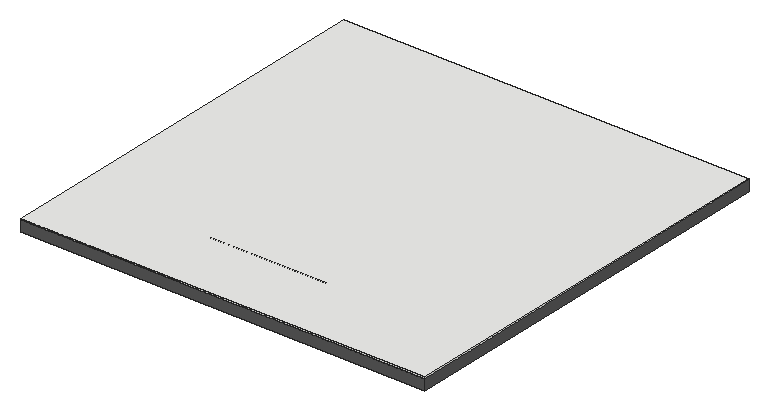
Revit family "Electronics_Commercial-Loudspeakers-Drop-Ceiling_Biamp_Full-Range_DC220T", category Communication Devices, host Face, Revit 2020
Family settings
  Host = Face
  Maintain Annotation Orientation = No
  Round Connector Dimension = Use Diameter
  Part Type = Normal
  OmniClass Number = 23.85.10.11.14.14.14
  OmniClass Title = Loudspeakers
  Cut with Voids When Loaded = No
  Shared = No
  Room Calculation Point = No
Parameters (values of type "DC220T")
  Width = 23.74016"  # constant formula
  Weight = 16.30 lbf  # constant formula
  Version = 1
  URL = "https://www.biamp.com/"
  Transformer = "70 V: 10 W, 5 W, 2.5 W, 1.25 W, 0.625 W;  100 V: 10 W, 5 W, 2.5 W, 1.25 W"  # constant formula
  Transducer = "Full Range 1 x 6.5 (165 mm) paper diaphragm driver"  # constant formula
  Shipping Weight = 36.10 lbf  # constant formula
  Sensitivity = "1 m; 93 dB (2.83 V) ;93 dB (1 W, 8 Ω)"  # constant formula
  Required Accessories = "100 Hz, 12 dB / oct. Butterworth high pass flter;DSP presets for Tesira or ALCs "  # constant formula
  Recommended Amplifers = "10 W - 20 W, 8 Ω (9 V - 13 V)"  # constant formula
  Rated Maximum SPL(Processed) = "Peak - 114dB; Continuous - 102dB"  # constant formula
  Rated Continuous Voltage = "9 V (19 dBV)"  # constant formula
  Product data url = "https://bimobject.com/biamp/product/dc220t-commercial-loudspeakers-drop-ceiling"
  Product Page URL = "https://www.biamp.com/products/product-families/commercial-loudspeakers/drop-ceiling-loudspeakers#dc220t"
  Product Documentation Link = "https://downloads.biamp.com/assets/docs/default-source/data-sheets/biamp_datasheet_commercial_loudspeakers_dc220t_5jun23.pdf"
  Operating Range (-10dB) = "100 Hz to 18.5 kHz "  # constant formula
  Operating Mode = "Passive with selectable low-impedance or 70 V/100 V operation"  # constant formula
  Operating Environment = "Indoor"  # constant formula
  Nominal Maximum SPL(Processed) = "Peak - 108dB; Continuous - 102dB"  # constant formula
  Nominal Continuous Power Handling = "Passive 9 V (10 W @ 8 Ω)"  # constant formula
  Nominal Beamwidth (H x V) = "130°, (conical)"  # constant formula
  Mounting Provisions = "Cross-T for use with larger 2' x 4' rectangular ceiling grids"  # constant formula
  Model = "DC220T"  # constant formula
  Manufacturer = "Biamp"  # constant formula
  Input Connection = "2-conductor pigtail"  # constant formula
  Housing Material = Biamp - Metal - Black
  Height = 23.74016"  # constant formula
  Grill Material = Biamp - Plastic - White(Grid)
  Description = "DC220T Full-Range 6.5-Inch 2 FT X 2 FT Ceiling Tile Loudspeaker"  # constant formula
  Depth = 4.2126"  # constant formula
  Default Elevation = 48"
  Date Updated = ""
  Date Created = "2023/08/21"
  Controls = "Wattage / low impedance selector switch"  # constant formula
  Connector Description = "2-conductor pigtail; 9 V (10 W @ 8 Ω),70/100V operation"  # constant formula
  Compliance = "ETL listed to comply with UL1480, UL2043 and CSA62368-1 Suitable for use in air handling spaces per NFPA 70 and NFPA 90"  # constant formula
Reference planes (in)
  plane 1 "Center (Front/Back)": y = 0
  plane 2: z = 0
  plane 3 "Center (Left/Right)": x = 0
Forms (in)
  Extrusion 1, solid, material "Biamp - Metal - Black" <- "Housing Material", detail levels coarse
    sketch origin (0, 0, 0) x (1, 0, 0) y (0, 1, 0)
      loop
        line (-11.87598, 11.87598) -> (-11.87598, -11.87598) -> (11.87598, -11.87598) -> (11.87598, 11.87598) -> (-11.87598, 11.87598)
    from -0.70866 to -0.07874
  Extrusion 2, void
    sketch origin (0, 0, 0) x (1, 0, 0) y (0, 1, 0)
      loop
        line (-11.87598, 11.87598) -> (-11.87598, -11.87598) -> (11.87598, -11.87598) -> (11.87598, 11.87598) -> (-11.87598, 11.87598)
    from -3.74016 to 0
  Extrusion 3, solid, material "Biamp - Metal - Black" <- "Housing Material", detail levels coarse
    sketch origin (0, 0, 0) x (1, 0, 0) y (0, 1, 0)
      loop
        line (-5.26181, -7.15157) -> (5.26181, -7.15157) -> (5.26181, 7.15157) -> (-5.26181, 7.15157) -> (-5.26181, -7.15157)
    from -3.74016 to -0.70866
  Extrusion 4, solid, material "Biamp - Plastic - White(Grid)" <- "Grill Material", detail levels coarse
    sketch origin (0, 0, 0) x (1, 0, 0) y (0, 1, 0)
      loop
        line (-11.87598, 11.87598) -> (-11.87598, -11.87598) -> (11.87598, -11.87598) -> (11.87598, 11.87598) -> (-11.87598, 11.87598)
    from -0.07874 to 0
  Extrusion 5, solid, material "Biamp - Metal - Black" <- "Housing Material", detail levels medium+fine
    sketch origin (0, 0, 0) x (1, 0, 0) y (0, 1, 0)
      loop
        line (4.47441, -6.36417) -> (4.47441, 6.36417) -> (-4.47441, 6.36417) -> (-4.47441, -6.36417) -> (4.47441, -6.36417)
    from -3.74016 to -0.70866
  Extrusion 6, solid, material "Biamp - Metal - Black" <- "Housing Material", detail levels medium+fine
    sketch origin (0, 0, 0) x (1, 0, 0) y (0, 1, 0)
      loop
        line (-11.87598, 11.87598) -> (-11.87598, -11.87598) -> (11.87598, -11.87598) -> (11.87598, 11.87598) -> (-11.87598, 11.87598)
    from -0.70866 to -0.07874
  Extrusion 7, solid, material "Biamp - Plastic - White(Grid)" <- "Grill Material", detail levels medium+fine
    sketch origin (0, 0, 0) x (1, 0, 0) y (0, 1, 0)
      loop
        line (-11.87598, 11.87598) -> (-11.87598, -11.87598) -> (11.87598, -11.87598) -> (11.87598, 11.87598) -> (-11.87598, 11.87598)
    from -0.07874 to 0
  Sweep 8, solid, material "Biamp - Metal - Black" <- "Housing Material", detail levels medium+fine
    path in 3D
      loop
        line (-4.47441, 6.36417, -3.74016) -> (4.47441, 6.36417, -3.74016) -> (4.47441, -6.36417, -3.74016) -> (-4.47441, -6.36417, -3.74016) -> (-4.47441, 6.36417, -3.74016)
    profile origin (-4.47441, 0, -3.74016) x (1, 0, 0) y (0, 0, -1)
      loop
        line (0, 0) -> (-0.13514, 0)
        arc (-0.13514, 0) -> (-0.23296, -0.04002) -> (-0.27468, -0.13713) r 0.13956
        line (-0.27468, -0.13713) -> (-0.32217, -2.85747)
        arc (-0.32217, -2.85747) -> (-0.34975, -2.92735) -> (-0.41645, -2.9619) r 0.10707
        arc (-0.41645, -2.9619) -> (-0.60308, -2.99058) -> (-0.7874, -3.0315) r 2.86393
        line (-0.7874, -3.0315) -> (0, -3.0315) -> (0, 0)
  Extrusion 9, void
    sketch origin (0, 0, -3.74016) x (0, 1, 0) y (1, 0, 0)
      loop
        line (-3.81626, 2.40947) -> (-5.78476, 2.40947) -> (-5.78476, -2.51179) -> (-3.81626, -2.51179) -> (-3.81626, 2.40947)
    from -0.32314 to 0
Cuts and joins
  Extrusion 9 cuts Extrusion 5
  Extrusion 9 cuts Extrusion 3
Lines and regions (in)
  Masking region 1
    outline origin (0, 0, 0) x (1, 0, 0) y (0, 1, 0)
      loop
        line (-11.87598, 11.87598) -> (-11.87598, -11.87598) -> (11.87598, -11.87598) -> (11.87598, 11.87598) -> (-11.87598, 11.87598)
  Masking region 2
    outline origin (0, 0, 0) x (1, 0, 0) y (0, 0, 1)
      loop
        line (-11.87598, 0) -> (-11.87598, -0.07874) -> (11.87598, -0.07874) -> (11.87598, 0) -> (-11.87598, 0)
  Masking region 3
    outline origin (0, 0, 0) x (1, 0, 0) y (0, 0, 1)
      loop
        line (11.87598, -0.07874) -> (-11.87598, -0.07874) -> (-11.87598, -0.70866) -> (11.87598, -0.70866) -> (11.87598, -0.07874)
  Masking region 4
    outline origin (0, 0, 0) x (1, 0, 0) y (0, 0, 1)
      loop
        line (-5.26181, -0.70866) -> (-5.26181, -3.74016) -> (5.26181, -3.74016) -> (5.26181, -0.70866) -> (-5.26181, -0.70866)
  sketch lines
    curve 1: line (-4.47441, -6.36417, -3.74016) -> (-4.47441, 6.36417, -3.74016)
    curve 2: line (-4.47441, 6.36417, -3.74016) -> (4.47441, 6.36417, -3.74016)
    curve 3: line (4.47441, 6.36417, -3.74016) -> (4.47441, -6.36417, -3.74016)
    curve 4: line (4.47441, -6.36417, -3.74016) -> (-4.47441, -6.36417, -3.74016)
Dimensions and locks (in)
  aligned and locked: plane 2 to host face
  aligned and locked: level to host face
Connectors (in)
  electrical at (-0.05116, -4.80051, -3.41702), driven by "Connector Description"
    settings: on cut or joined group of Extrusion 5, Extrusion 9, index 1, voltage 0 V, apparent load 0 VA, apparent load phase1 0 VA, apparent load phase2 0 VA, apparent load phase3 0 VA, power factor 1, load classification "Other", number of poles 1, system type 5, power factor state 1, is connector primary yes, connector utility no, sub classification motor no, connector description "2-conductor pigtail; 9 V (10 W @ 8 Ω),70/100V operation"
